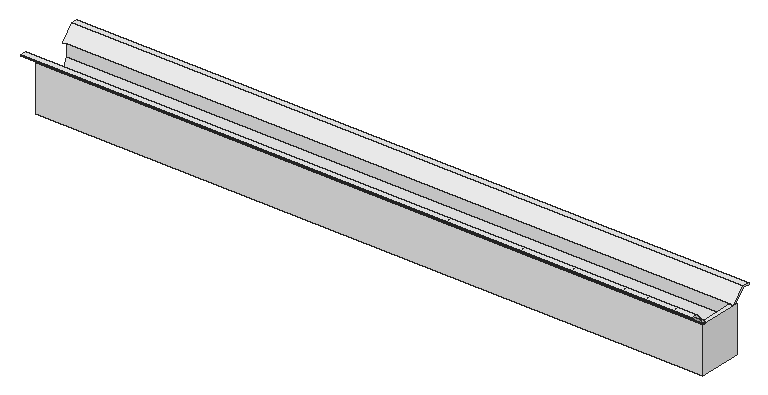
Revit family "Lighting-Recessed-Amerlux-GRUV-FR", category Lighting Fixtures, host Face, Revit 2015
Parameters
  Width = 0' - 5 1/4"
  Wattage = 9.2903 W
  built-in parameter 1150110 = 1 (stored number, unit not read)
  Voltage = 0 V
  URL = "http://www.amerlux.com/"
  built-in parameter 1114217 = 1 (stored number, unit not read)
  Tilt Angle = -90.00°
  built-in parameter 1150109 = 1 (stored number, unit not read)
  built-in parameter 1150134 = 3
  built-in parameter 1150113 = 1 (stored number, unit not read)
  Power Factor = 1
  Photometric Web File = "generic"
  Number of Poles = 1
  built-in parameter 1150142 = (empty or 0)
  Model = "GRUV-FR"
  Manufacturer = "Amerlux"
  built-in parameter 1150105 = 109.82 (stored number, unit not read)
  Lumens = 1380 lm
  built-in parameter 1150115 = 1 (stored number, unit not read)
  built-in parameter 1150137 = (empty or 0)
  built-in parameter 1150139 = (empty or 0)
  Length = 5' - 0"
  built-in parameter 1150112 = 1 (stored number, unit not read)
  built-in parameter 1150114 = 1 (stored number, unit not read)
  Lamp = "LED"
  built-in parameter 1150132 = (empty or 0)
  built-in parameter 1150102 = (empty or 0)
  built-in parameter 1150107 = 3200 (stored number, unit not read)
  built-in parameter 1150138 = (empty or 0)
  built-in parameter 1150106 = 1.0982 (stored number, unit not read)
  Height = 0' - 4"
  Emit from Line Length = Length  # 5' - 0"
  built-in parameter 1150104 = 13.8 (stored number, unit not read)
  Dimming Lamp Color Temperature Shift = <None>
  Description = "Recessed Linear LED"
  Default Elevation = 4' - 0"
  Color Filter = 16777215
  built-in parameter 1114218 = 1 (stored number, unit not read)
  built-in parameter 1150133 = 10 (stored number, unit not read)
  Apparent Load = 0 VA
Reference planes (in)
  plane 1 "Center (Front/Back)": y = 0
  plane 2: z = 0
  plane 3 "Center (Left/Right)": x = 0
  plane 4: z = -5.75
  plane 5: y = 2.625
  plane 6: y = -2.625
  plane 7: y = 3.125
  plane 8: y = -3.125
  plane 9: x = -30
  plane 10: x = 30
Forms (in)
  Extrusion 1, solid, material "Finish"
    sketch origin (0, 0, 0) x (1, 0, 0) y (0, 1, 0)
      loop
        line (-29.63809, 1.91702) -> (-29.63809, -1.91612) -> (30, -1.91612) -> (30, 1.91702) -> (-29.63809, 1.91702)
    from -5.07907 to -0.98889
  Extrusion 2, solid, material "Finish"
    sketch origin (0, 0, 0) x (0, 1, 0) y (0, 0, 1)
      loop
        line (3.18444, 0.11521) -> (2.625, 0.11521) -> (1.59541, -0.98889) -> (1.71692, -0.98889) -> (2.70581, 0) -> (2.89304, 0) -> (3.18444, 0) -> (3.18444, 0.11521)
      loop
        line (-3.18444, 0.11521) -> (-3.18444, 0) -> (-2.89304, 0) -> (-2.70581, 0) -> (-1.71692, -0.98889) -> (-1.59541, -0.98889) -> (-2.625, 0.11521) -> (-3.18444, 0.11521)
    from -30 to 30
  Extrusion 3, void
    sketch origin (0, 0, 0) x (0, 1, 0) y (0, 0, 1)
      loop
        line (2.51757, 0) -> (-2.51757, 0) -> (-1.59541, -0.98889) -> (-1.59541, -2.04583) -> (-0.94541, -3.57713) -> (0, -3.57713) -> (0.94541, -3.57713) -> (1.59541, -2.04583) -> (1.59541, -0.98889) -> (2.51757, 0)
    from -29.63809 to 29.63312
Cuts and joins
  Extrusion 3 cuts Extrusion 1
  Extrusion 3 cuts Extrusion 2
Dimensions and locks (in)
  equal spacing: plane 5, plane 1 "Center (Front/Back)", plane 6
  "Width": plane 5 to plane 6
  equal spacing: plane 9, plane 3 "Center (Left/Right)", plane 10
  "Length": plane 9 to plane 10
  locked: plane 9 to cut or joined group of Extrusion 1, Extrusion 3 at 0.36191
  locked: cut or joined group of Extrusion 1, Extrusion 3 to plane 10 at 0.36688
  aligned and locked: plane 2 to host face
  aligned and locked: level to host face
  aligned and locked: plane 10 to Extrusion 2
  aligned and locked: Extrusion 2 to plane 9
  aligned and locked: Extrusion 2 to Extrusion 1
  aligned and locked: Extrusion 3 to Extrusion 1
Automatic sketch dimensions
  host sketch curve to host sketch curve = 9' - 10.53435"
  host sketch curve to host sketch curve = 8' - 0"
  Extrusion 2 sketch curve to level = 0' - 0"  (x2)
  Extrusion 2 sketch curve to plane 6 = 0' - 0"
  Extrusion 2 sketch curve to plane 5 = 0' - 0"
  plane 6 to Extrusion 2 sketch curve = 0' - 0.08081"
  Extrusion 2 sketch curve to Extrusion 2 sketch curve = 0' - 0.18723"  (x2)
  plane 8 to Extrusion 2 sketch curve = 0' - 0.05944"
  Extrusion 2 sketch curve to plane 6 = 0' - 0.90808"
  Extrusion 2 sketch curve to Extrusion 2 sketch curve = 0' - 0.12151"  (x2)
  plane 5 to Extrusion 2 sketch curve = 0' - 1.02959"
  Extrusion 2 sketch curve to plane 5 = 0' - 0.08081"
  Extrusion 2 sketch curve to plane 7 = 0' - 0.05944"
  Extrusion 2 sketch curve to level = 0' - 0.98889"  (x2)
  level to Extrusion 2 sketch curve = 0' - 0.11521"
  Extrusion 2 sketch curve to Extrusion 2 sketch curve = 0' - 0.11521"
  Extrusion 1 sketch curve to plane 6 = 0' - 0.70888"
  plane 5 to Extrusion 1 sketch curve = 0' - 0.70798"
  Extrusion 1 sketch curve to plane 3 "Center (Left/Right)" = 2' - 5.63809"
  plane 3 "Center (Left/Right)" to Extrusion 1 sketch curve = 2' - 6"
  Extrusion 3 sketch curve to plane 1 "Center (Front/Back)" = 0' - 0"
  Extrusion 3 sketch curve to level = 0' - 0"
  plane 1 "Center (Front/Back)" to Extrusion 3 sketch curve = 0' - 0.94541"
  Extrusion 3 sketch curve to plane 6 = 0' - 1.02959"
  Extrusion 3 sketch curve to plane 1 "Center (Front/Back)" = 0' - 0.94541"
  plane 5 to Extrusion 3 sketch curve = 0' - 1.02959"
  Extrusion 3 sketch curve to level = 0' - 0.98889"  (x2)
  Extrusion 3 sketch curve to Extrusion 3 sketch curve = 0' - 1.05694"  (x2)
  Extrusion 3 sketch curve to Extrusion 3 sketch curve = 0' - 1.5313"
  Extrusion 3 sketch curve to plane 6 = 0' - 0.10743"
  plane 5 to Extrusion 3 sketch curve = 0' - 0.10743"
Connectors (in)
  electrical at (30, 0.00045, -3.03398), driven by "Number of Poles", driven by "Voltage", driven by "Apparent Load", driven by "Power Factor"
    settings: on cut or joined group of Extrusion 1, Extrusion 3, index 1, voltage 0 V, apparent load 0 VA, apparent load phase1 0 VA, apparent load phase2 0 VA, apparent load phase3 0 VA, power factor 1, load classification "Other", number of poles 1, system type 31, power factor state 1, is connector primary yes, connector utility no, sub classification motor no, connector description ""
